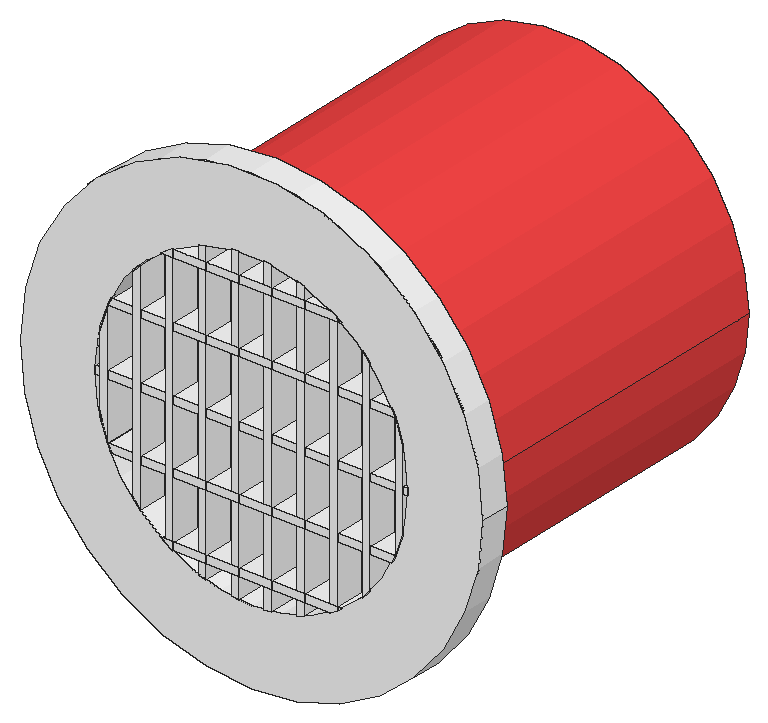
Revit family "SEQ_A3-15.1-Terminal-Wall-Round", category Mechanical Equipment, Revit 2016
Family settings
  Part Type = Undefined
  Round Connector Dimension = Use Diameter
  Work Plane-Based = No
  Always vertical = Yes
  Cut with Voids When Loaded = No
  Shared = No
  Room Calculation Point = No
Parameters (values of type "Terminal Round 6" Ø")
  WIDTH = (TAP RADIUS * 2) + 0' 1 1/4"  # 0' - 7 1/4"
  TAP RADIUS = 0' - 3"
  SIZE = "16x8"
  REGISTER TYPE [instance] = "SR1"
  MODEL # [instance] = "880H"
  LOCATION [instance] = "DUCT"
  LENGTH [instance] = 0' - 6"
  HEIGHT = (TAP RADIUS * 2) + 0' 1 1/4"  # 0' - 7 1/4"
  GRILLE-RADIUS VOID = TAP RADIUS - 0' 0 3/8"  # 0' - 2 5/8"
  GRILLE FINISH [instance] = 15.1-REGISTER/ GRILLE
  FUNCTION [instance] = "SUPPLY REGISTER"
  DUCT TYPE [instance] = 15.1-SUPPLY DUCT
  CFM [instance] = "200"
  CENTER OF DUCT - AFF [instance] = 6' - 0"
Reference planes (in)
  plane 1 "Center F/B": y = 1.97217
  plane 2: z = 0
  plane 3 "Center L/R": x = -1.72008
  plane 4 "CENTER OF DUCT": z = 72
  plane 5: x = -9.34508
  plane 6: x = -5.34508
  plane 7: x = 1.90492
  plane 8: x = 5.90492
  plane 9: y = -4.02783
  plane 10: z = 75.625
  plane 11: z = 68.375
  plane 12: y = -4.52783
  plane 13: x = -6.22008
  plane 14: x = 2.77992
  plane 15: z = 76.5
  plane 16: z = 67.5
  plane 17: z = 74.75
  plane 18: x = 1.02992
  plane 19: x = -4.47008
  plane 20: z = 69.25
  plane 21 "Center L/R": x = -1.99508
  plane 22 "Center L/R": x = -2.27008
  plane 23 "Center L/R": x = -2.54508
  plane 24 "Center L/R": x = -2.82008
  plane 25 "Center L/R": x = -3.09508
  plane 26 "Center L/R": x = -3.37008
  plane 27 "Center L/R": x = -3.64508
  plane 28 "Center L/R": x = -3.92008
  plane 29 "Center L/R": x = -4.19508
  plane 30 "Center L/R": x = -1.44508
  plane 31 "Center L/R": x = -1.17008
  plane 32 "Center L/R": x = -0.89508
  plane 33 "Center L/R": x = -0.62008
  plane 34 "Center L/R": x = -0.34508
  plane 35 "Center L/R": x = -0.07008
  plane 36 "Center L/R": x = 0.20492
  plane 37 "Center L/R": x = 0.47992
  plane 38 "Center L/R": x = 0.75492
  plane 39 "CENTER OF DUCT": z = 72.55
  plane 40 "CENTER OF DUCT": z = 73.1
  plane 41 "CENTER OF DUCT": z = 73.65
  plane 42 "CENTER OF DUCT": z = 74.2
  plane 43 "CENTER OF DUCT": z = 71.45
  plane 44 "CENTER OF DUCT": z = 70.9
  plane 45 "CENTER OF DUCT": z = 70.35
  plane 46 "CENTER OF DUCT": z = 69.8
Forms (in)
  Sweep 1, solid, material "15.1-SUPPLY DUCT" <- "DUCT TYPE"
    path origin (0, 0, 0) x (1, 0, 0) y (0, 1, 0)
      loop
        line (-1.72008, 1.97217) -> (-1.72008, -4.02783)
    profile origin (0, -1.02783, 0) x (1, 0, 0) y (0, 0, 1)
      loop
        circle (-1.72008, 72) r 3
      loop
        circle (-1.72008, 72) r 3.125
  Sweep 2, solid, material "15.1-REGISTER/ GRILLE" <- "GRILLE FINISH"
    path origin (0, 0, 0) x (1, 0, 0) y (0, 1, 0)
      loop
        line (-6.22008, -4.02783) -> (-6.22008, -4.52783)
    profile origin (0, -4.27783, 0) x (1, 0, 0) y (0, 0, 1)
      loop
        circle (-1.72008, 72) r 3.875
      loop
        circle (-1.72008, 72) r 2.625
  Sweep 3, solid, material "15.1-REGISTER/ GRILLE" <- "GRILLE FINISH"
    path origin (0, -4.02783, 0) x (1, 0, 0) y (0, 0, 1)
      loop
        line (-5.34508, 72) -> (1.90492, 72)
    profile origin (-1.72008, -4.02783, 0) x (0, 0, 1) y (0, -1, 0)
      loop
        line (72.0625, 0) -> (72.0625, 0.5) -> (71.9375, 0.5) -> (71.9375, 0) -> (72.0625, 0)
  Sweep 4, solid, material "15.1-REGISTER/ GRILLE" <- "GRILLE FINISH"
    path origin (-0.75, -14.02783, 0) x (1, 0, 0) y (0, 0, 1)
      loop
        line (-1.24508, 69.25) -> (-1.24508, 74.75)
    profile origin (0, -14.02783, 72) x (-1, 0, 0) y (0, -1, 0)
      loop
        line (2.05758, -10) -> (2.05758, -9.5) -> (1.93258, -9.5) -> (1.93258, -10) -> (2.05758, -10)
  Sweep 5, solid, material "15.1-REGISTER/ GRILLE" <- "GRILLE FINISH"
    path origin (-2.25, -14.02783, 0) x (1, 0, 0) y (0, 0, 1)
      loop
        line (-0.29508, 69.25) -> (-0.29508, 74.75)
    profile origin (0, -14.02783, 72) x (-1, 0, 0) y (0, -1, 0)
      loop
        line (2.60758, -10) -> (2.60758, -9.5) -> (2.48258, -9.5) -> (2.48258, -10) -> (2.60758, -10)
  Sweep 6, solid, material "15.1-REGISTER/ GRILLE" <- "GRILLE FINISH"
    path origin (-3.75, -14.02783, 0) x (1, 0, 0) y (0, 0, 1)
      loop
        line (0.65492, 69.25) -> (0.65492, 74.75)
    profile origin (0, -14.02783, 72) x (-1, 0, 0) y (0, -1, 0)
      loop
        line (3.15758, -10) -> (3.15758, -9.5) -> (3.03258, -9.5) -> (3.03258, -10) -> (3.15758, -10)
  Sweep 7, solid, material "15.1-REGISTER/ GRILLE" <- "GRILLE FINISH"
    path origin (-5.25, -14.02783, 0) x (1, 0, 0) y (0, 0, 1)
      loop
        line (1.60492, 69.25) -> (1.60492, 74.75)
    profile origin (0, -14.02783, 72) x (-1, 0, 0) y (0, -1, 0)
      loop
        line (3.70758, -10) -> (3.70758, -9.5) -> (3.58258, -9.5) -> (3.58258, -10) -> (3.70758, -10)
  Sweep 8, solid, material "15.1-REGISTER/ GRILLE" <- "GRILLE FINISH"
    path origin (-6.75, -14.02783, 0) x (1, 0, 0) y (0, 0, 1)
      loop
        line (2.55492, 69.25) -> (2.55492, 74.75)
    profile origin (0, -14.02783, 72) x (-1, 0, 0) y (0, -1, 0)
      loop
        line (4.25758, -10) -> (4.25758, -9.5) -> (4.13258, -9.5) -> (4.13258, -10) -> (4.25758, -10)
  Sweep 9, solid, material "15.1-REGISTER/ GRILLE" <- "GRILLE FINISH"
    path origin (-2.69017, -14.02783, 0) x (-1, 0, 0) y (0, 0, -1)
      loop
        line (-1.24508, -69.25) -> (-1.24508, -74.75)
    profile origin (0, -14.02783, 72) x (-1, 0, 0) y (0, -1, 0)
      loop
        line (1.38258, -10) -> (1.50758, -10) -> (1.50758, -9.5) -> (1.38258, -9.5) -> (1.38258, -10)
  Sweep 10, solid, material "15.1-REGISTER/ GRILLE" <- "GRILLE FINISH"
    path origin (-1.19017, -14.02783, 0) x (-1, 0, 0) y (0, 0, -1)
      loop
        line (-0.29508, -69.25) -> (-0.29508, -74.75)
    profile origin (0, -14.02783, 72) x (-1, 0, 0) y (0, -1, 0)
      loop
        line (0.83258, -10) -> (0.95758, -10) -> (0.95758, -9.5) -> (0.83258, -9.5) -> (0.83258, -10)
  Sweep 11, solid, material "15.1-REGISTER/ GRILLE" <- "GRILLE FINISH"
    path origin (0.30983, -14.02783, 0) x (-1, 0, 0) y (0, 0, -1)
      loop
        line (0.65492, -69.25) -> (0.65492, -74.75)
    profile origin (0, -14.02783, 72) x (-1, 0, 0) y (0, -1, 0)
      loop
        line (0.28258, -10) -> (0.40758, -10) -> (0.40758, -9.5) -> (0.28258, -9.5) -> (0.28258, -10)
  Sweep 12, solid, material "15.1-REGISTER/ GRILLE" <- "GRILLE FINISH"
    path origin (1.80983, -14.02783, 0) x (-1, 0, 0) y (0, 0, -1)
      loop
        line (1.60492, -69.25) -> (1.60492, -74.75)
    profile origin (0, -14.02783, 72) x (-1, 0, 0) y (0, -1, 0)
      loop
        line (-0.26742, -10) -> (-0.14242, -10) -> (-0.14242, -9.5) -> (-0.26742, -9.5) -> (-0.26742, -10)
  Sweep 13, solid, material "15.1-REGISTER/ GRILLE" <- "GRILLE FINISH"
    path origin (3.30983, -14.02783, 0) x (-1, 0, 0) y (0, 0, -1)
      loop
        line (2.55492, -69.25) -> (2.55492, -74.75)
    profile origin (0, -14.02783, 72) x (-1, 0, 0) y (0, -1, 0)
      loop
        line (-0.81742, -10) -> (-0.69242, -10) -> (-0.69242, -9.5) -> (-0.81742, -9.5) -> (-0.81742, -10)
  Sweep 14, solid, material "15.1-REGISTER/ GRILLE" <- "GRILLE FINISH"
    path origin (0, -14.02783, 1.5) x (1, 0, 0) y (0, 0, 1)
      loop
        line (-4.47008, 71.6) -> (1.02992, 71.6)
    profile origin (-1.72008, -14.02783, 0) x (0, 0, 1) y (0, -1, 0)
      loop
        line (73.1625, -10) -> (73.1625, -9.5) -> (73.0375, -9.5) -> (73.0375, -10) -> (73.1625, -10)
  Sweep 15, solid, material "15.1-REGISTER/ GRILLE" <- "GRILLE FINISH"
    path origin (0, -14.02783, 3) x (1, 0, 0) y (0, 0, 1)
      loop
        line (-4.47008, 71.2) -> (1.02992, 71.2)
    profile origin (-1.72008, -14.02783, 0) x (0, 0, 1) y (0, -1, 0)
      loop
        line (74.2625, -10) -> (74.2625, -9.5) -> (74.1375, -9.5) -> (74.1375, -10) -> (74.2625, -10)
  Sweep 16, solid, material "15.1-REGISTER/ GRILLE" <- "GRILLE FINISH"
    path origin (0, -14.02783, -1.5) x (1, 0, 0) y (0, 0, 1)
      loop
        line (-4.47008, 72.4) -> (1.02992, 72.4)
    profile origin (-1.72008, -14.02783, 0) x (0, 0, 1) y (0, -1, 0)
      loop
        line (70.9625, -10) -> (70.9625, -9.5) -> (70.8375, -9.5) -> (70.8375, -10) -> (70.9625, -10)
  Sweep 17, solid, material "15.1-REGISTER/ GRILLE" <- "GRILLE FINISH"
    path origin (0, -14.02783, -3) x (1, 0, 0) y (0, 0, 1)
      loop
        line (-4.47008, 72.8) -> (1.02992, 72.8)
    profile origin (-1.72008, -14.02783, 0) x (0, 0, 1) y (0, -1, 0)
      loop
        line (69.8625, -10) -> (69.8625, -9.5) -> (69.7375, -9.5) -> (69.7375, -10) -> (69.8625, -10)
  Sweep 18, void
    path origin (0, 0, 0) x (1, 0, 0) y (0, 1, 0)
      loop
        line (-1.72008, -0.02783) -> (-1.72008, -4.52783)
    profile origin (0, -2.27783, 0) x (1, 0, 0) y (0, 0, 1)
      loop
        circle (-1.72008, 72) r 2.625
      loop
        circle (-1.72008, 72) r 5.625
Cuts and joins
  Sweep 18 cuts Sweep 3
  Sweep 18 cuts Sweep 4
  Sweep 18 cuts Sweep 5
  Sweep 18 cuts Sweep 6
  Sweep 18 cuts Sweep 7
  Sweep 18 cuts Sweep 8
  Sweep 18 cuts Sweep 9
  Sweep 18 cuts Sweep 10
  Sweep 18 cuts Sweep 11
  Sweep 18 cuts Sweep 12
  Sweep 18 cuts Sweep 13
  Sweep 18 cuts Sweep 14
  Sweep 18 cuts Sweep 15
  Sweep 18 cuts Sweep 16
  Sweep 18 cuts Sweep 17
Lines and regions (in)
  symbolic lines, style "InvisibleLines"
    curve 1: line (-1.72008, 0, 72) -> (-1.72008, 0, 0)
  symbolic lines, style "REGISTER/ GRILLE"
    curve 2: line (1.90492, -4.02783, 0) -> (-5.34508, -4.02783, 0)
    curve 3: line (-5.59508, -4.02783, 0) -> (2.15492, -4.02783, 0)
    curve 4: line (-5.59508, -4.52783, 0) -> (2.15492, -4.52783, 0)
    curve 5: line (2.15492, -4.52783, 0) -> (2.15492, -4.02783, 0)
    curve 6: line (-5.59508, -4.02783, 0) -> (-5.59508, -4.52783, 0)
  symbolic lines, style "TAP"
    curve 7: line (-5.34508, -4.02783, 0) -> (1.90492, -4.02783, 0)
    curve 8: line (-4.72008, 1.97217, 0) -> (1.27992, 1.97217, 0)
    curve 9: line (-4.72008, -4.02783, 0) -> (-4.72008, 1.97217, 0)
    curve 10: line (1.27992, 1.97217, 0) -> (1.27992, -4.02783, 0)
Dimensions and locks (in)
  "CENTER OF DUCT - AFF": plane 4 "CENTER OF DUCT" to plane 2
  locked: plane 7 to plane 8 at 4
  equal spacing: plane 6, plane 3 "Center L/R", plane 7
  locked: plane 5 to plane 6 at 4
  "WIDTH": plane 6 to plane 7
  equal spacing: plane 10, plane 4 "CENTER OF DUCT", plane 11
  "HEIGHT": plane 10 to plane 11
  plane 12 to plane 9 = 0' - 0 1/2"
  locked: plane 13 to plane 6 at 0.875
  locked: plane 7 to plane 14 at 0.875
  locked: plane 11 to plane 16 at 0.875
  locked: plane 15 to plane 10 at 0.875
  Sweep 3 sketch curve to plane 4 "CENTER OF DUCT" to Sweep 3 sketch curve = 0' - 0 1/16" locked, 0' - 0 1/16" locked
  plane 10 to plane 17 = 0' - 0 7/8"
  plane 20 to plane 11 = 0' - 0 7/8"
  plane 18 to plane 7 = 0' - 0 7/8"
  plane 6 to plane 19 = 0' - 0 7/8"
  plane 19 to plane 3 "Center L/R" = 0' - 2 3/4"
  Sweep 4 sketch curve to profile plane to Sweep 4 sketch curve = 0' - 0 1/16", 0' - 0 1/16"
  Sweep 5 sketch curve to profile plane to Sweep 5 sketch curve = 0' - 0 1/16", 0' - 0 1/16"
  Sweep 6 sketch curve to profile plane to Sweep 6 sketch curve = 0' - 0 1/16", 0' - 0 1/16"
  Sweep 7 sketch curve to profile plane to Sweep 7 sketch curve = 0' - 0 1/16", 0' - 0 1/16"
  Sweep 8 sketch curve to profile plane to Sweep 8 sketch curve = 0' - 0 1/16", 0' - 0 1/16"
  equal spacing: plane 3 "Center L/R", plane 21 "Center L/R", plane 22 "Center L/R", plane 23 "Center L/R", plane 24 "Center L/R", plane 25 "Center L/R", plane 26 "Center L/R", plane 27 "Center L/R", plane 28 "Center L/R", plane 29 "Center L/R", plane 19
  Sweep 9 sketch curve to profile plane to Sweep 9 sketch curve = 0' - 0 1/16", 0' - 0 1/16"
  Sweep 10 sketch curve to profile plane to Sweep 10 sketch curve = 0' - 0 1/16", 0' - 0 1/16"
  Sweep 11 sketch curve to profile plane to Sweep 11 sketch curve = 0' - 0 1/16", 0' - 0 1/16"
  Sweep 12 sketch curve to profile plane to Sweep 12 sketch curve = 0' - 0 1/16", 0' - 0 1/16"
  Sweep 13 sketch curve to profile plane to Sweep 13 sketch curve = 0' - 0 1/16", 0' - 0 1/16"
  equal spacing: plane 3 "Center L/R", plane 30 "Center L/R", plane 31 "Center L/R", plane 32 "Center L/R", plane 33 "Center L/R", plane 34 "Center L/R", plane 35 "Center L/R", plane 36 "Center L/R", plane 37 "Center L/R", plane 38 "Center L/R", plane 18
  Sweep 14 sketch curve to plane 40 "CENTER OF DUCT" to Sweep 14 sketch curve = 0' - 0 1/16" locked, 0' - 0 1/16" locked
  Sweep 15 sketch curve to plane 42 "CENTER OF DUCT" to Sweep 15 sketch curve = 0' - 0 1/16" locked, 0' - 0 1/16" locked
  equal spacing: plane 17, plane 42 "CENTER OF DUCT", plane 41 "CENTER OF DUCT", plane 40 "CENTER OF DUCT", plane 39 "CENTER OF DUCT", plane 4 "CENTER OF DUCT"
  Sweep 16 sketch curve to plane 44 "CENTER OF DUCT" to Sweep 16 sketch curve = 0' - 0 1/16" locked, 0' - 0 1/16" locked
  Sweep 17 sketch curve to plane 46 "CENTER OF DUCT" to Sweep 17 sketch curve = 0' - 0 1/16" locked, 0' - 0 1/16" locked
  equal spacing: plane 4 "CENTER OF DUCT", plane 43 "CENTER OF DUCT", plane 44 "CENTER OF DUCT", plane 45 "CENTER OF DUCT", plane 46 "CENTER OF DUCT", plane 20
  locked: Sweep 2 sketch curve to Sweep 2 sketch curve at 1.25
  "LENGTH": plane 9 to plane 1 "Center F/B"
  locked: plane 4 "CENTER OF DUCT" to Sweep 1 sketch curve
  locked: plane 4 "CENTER OF DUCT" to Sweep 18 sketch curve
  locked: plane 4 "CENTER OF DUCT" to Sweep 18 sketch curve at 0
  locked: plane 4 "CENTER OF DUCT" to Sweep 2 sketch curve
  locked: plane 4 "CENTER OF DUCT" to Sweep 2 sketch curve at 0
  "TAP RADIUS": radius of Sweep 1 sketch curve
  "GRILLE-RADIUS VOID": radius of Sweep 18 sketch curve
  "GRILLE-RADIUS VOID": radius of Sweep 2 sketch curve
  aligned and locked: plane 2 to curve 1
  aligned and locked: curve 2 to plane 9
  aligned and locked: plane 1 "Center F/B" to Sweep 1 sketch curve
  aligned and locked: curve 2 to Sweep 1 sketch curve
  aligned and locked: Sweep 1 sketch curve to plane 3 "Center L/R"
  aligned and locked: plane 9 to Sweep 2 sketch curve
  aligned and locked: Sweep 2 sketch curve to plane 13
  aligned and locked: curve 3 to Sweep 2
  aligned and locked: plane 4 "CENTER OF DUCT" to Sweep 3 sketch curve
  aligned and locked: Sweep 3 sketch curve to Sweep 2
  aligned and locked: Sweep 2 to Sweep 3 sketch curve
  aligned and locked: plane 21 "Center L/R" to Sweep 4 sketch curve
  aligned and locked: plane 23 "Center L/R" to Sweep 5 sketch curve
  aligned and locked: plane 25 "Center L/R" to Sweep 6 sketch curve
  aligned and locked: plane 27 "Center L/R" to Sweep 7 sketch curve
  aligned and locked: plane 29 "Center L/R" to Sweep 8 sketch curve
  aligned and locked: Sweep 9 sketch curve to plane 30 "Center L/R"
  aligned and locked: Sweep 10 sketch curve to plane 32 "Center L/R"
  aligned and locked: Sweep 11 sketch curve to plane 34 "Center L/R"
  aligned and locked: Sweep 12 sketch curve to plane 36 "Center L/R"
  aligned and locked: Sweep 13 sketch curve to plane 38 "Center L/R"
  aligned and locked: plane 40 "CENTER OF DUCT" to Sweep 14 sketch curve
  aligned and locked: plane 42 "CENTER OF DUCT" to Sweep 15 sketch curve
  aligned and locked: plane 44 "CENTER OF DUCT" to Sweep 16 sketch curve
  aligned and locked: plane 46 "CENTER OF DUCT" to Sweep 17 sketch curve
  aligned and locked: Sweep 2 to Sweep 8 sketch curve
  aligned and locked: Sweep 8 sketch curve to Sweep 2
  aligned and locked: Sweep 2 to Sweep 7 sketch curve
  aligned and locked: Sweep 7 sketch curve to Sweep 2
  aligned and locked: Sweep 2 to Sweep 6 sketch curve
  aligned and locked: Sweep 6 sketch curve to Sweep 2
  aligned and locked: Sweep 2 to Sweep 5 sketch curve
  aligned and locked: Sweep 5 sketch curve to Sweep 2
  aligned and locked: Sweep 2 to Sweep 4 sketch curve
  aligned and locked: Sweep 4 sketch curve to Sweep 2
  aligned and locked: Sweep 9 sketch curve to Sweep 2
  aligned and locked: Sweep 2 to Sweep 9 sketch curve
  aligned and locked: Sweep 10 sketch curve to Sweep 2
  aligned and locked: Sweep 2 to Sweep 10 sketch curve
  aligned and locked: Sweep 11 sketch curve to Sweep 2
  aligned and locked: Sweep 2 to Sweep 11 sketch curve
  aligned and locked: Sweep 12 sketch curve to Sweep 2
  aligned and locked: Sweep 2 to Sweep 12 sketch curve
  aligned and locked: Sweep 13 sketch curve to Sweep 2
  aligned and locked: Sweep 2 to Sweep 13 sketch curve
  aligned and locked: Sweep 2 to Sweep 15 sketch curve
  aligned and locked: Sweep 15 sketch curve to Sweep 2
  aligned and locked: Sweep 2 to Sweep 14 sketch curve
  aligned and locked: Sweep 14 sketch curve to Sweep 2
  aligned and locked: Sweep 2 to Sweep 16 sketch curve
  aligned and locked: Sweep 16 sketch curve to Sweep 2
  aligned and locked: Sweep 2 to Sweep 17 sketch curve
  aligned and locked: Sweep 17 sketch curve to Sweep 2
  aligned and locked: Sweep 18 sketch curve to plane 3 "Center L/R"
  aligned and locked: plane 12 to Sweep 18 sketch curve
  aligned and locked: plane 12 to curve 4
  aligned and locked: curve 5 to Sweep 2
  aligned and locked: plane 6 to Sweep 3 sketch curve
  aligned and locked: plane 7 to Sweep 3 sketch curve
  aligned and locked: plane 1 "Center F/B" to curve 8
Automatic sketch dimensions
  curve 1 to plane 3 "Center L/R" = 0' - 0"
  curve 1 to plane 4 "CENTER OF DUCT" = 0' - 0"
  Sweep 2 sketch curve to plane 12 = 0' - 0"
  Sweep 4 sketch curve to plane 20 = 0' - 0"
  Sweep 4 sketch curve to plane 17 = 0' - 0"
  Sweep 5 sketch curve to plane 20 = 0' - 0"
  Sweep 5 sketch curve to plane 17 = 0' - 0"
  Sweep 6 sketch curve to plane 20 = 0' - 0"
  Sweep 6 sketch curve to plane 17 = 0' - 0"
  Sweep 7 sketch curve to plane 20 = 0' - 0"
  Sweep 7 sketch curve to plane 17 = 0' - 0"
  Sweep 8 sketch curve to plane 20 = 0' - 0"
  Sweep 8 sketch curve to plane 17 = 0' - 0"
  Sweep 9 sketch curve to plane 17 = 0' - 0"
  Sweep 9 sketch curve to plane 20 = 0' - 0"
  Sweep 10 sketch curve to plane 17 = 0' - 0"
  Sweep 10 sketch curve to plane 20 = 0' - 0"
  Sweep 11 sketch curve to plane 17 = 0' - 0"
  Sweep 11 sketch curve to plane 20 = 0' - 0"
  Sweep 12 sketch curve to plane 17 = 0' - 0"
  Sweep 12 sketch curve to plane 20 = 0' - 0"
  Sweep 13 sketch curve to plane 17 = 0' - 0"
  Sweep 13 sketch curve to plane 20 = 0' - 0"
  Sweep 14 sketch curve to plane 19 = 0' - 0"
  Sweep 14 sketch curve to plane 18 = 0' - 0"
  Sweep 15 sketch curve to plane 19 = 0' - 0"
  Sweep 15 sketch curve to plane 18 = 0' - 0"
  Sweep 16 sketch curve to plane 19 = 0' - 0"
  Sweep 16 sketch curve to plane 18 = 0' - 0"
  Sweep 17 sketch curve to plane 19 = 0' - 0"
  Sweep 17 sketch curve to plane 18 = 0' - 0"
  curve 2 to plane 6 = 0' - 0"
  curve 7 to plane 7 = 0' - 0"
  plane 6 to curve 6 = 0' - 0 1/4"
  curve 8 to plane 18 = 0' - 0 1/4"
  plane 19 to curve 9 = 0' - 0 1/4"
  Sweep 18 sketch curve to plane 9 = 0' - 4"
  Sweep 1 sketch curve to Sweep 1 sketch curve = 0' - 0"  (x2)
  profile plane to Sweep 1 sketch curve = 0' - 0"
  Sweep 1 sketch curve to Sweep 1 sketch curve = 0' - 0 1/8"
  Sweep 2 sketch curve to Sweep 2 sketch curve = 0' - 0"  (x2)
  Sweep 2 sketch curve to profile plane = 0' - 4 1/2"
  Sweep 18 sketch curve to Sweep 18 sketch curve = 0' - 0"
  profile plane to Sweep 18 sketch curve = 0' - 0"
  Sweep 18 sketch curve to Sweep 18 sketch curve = 0' - 3"
